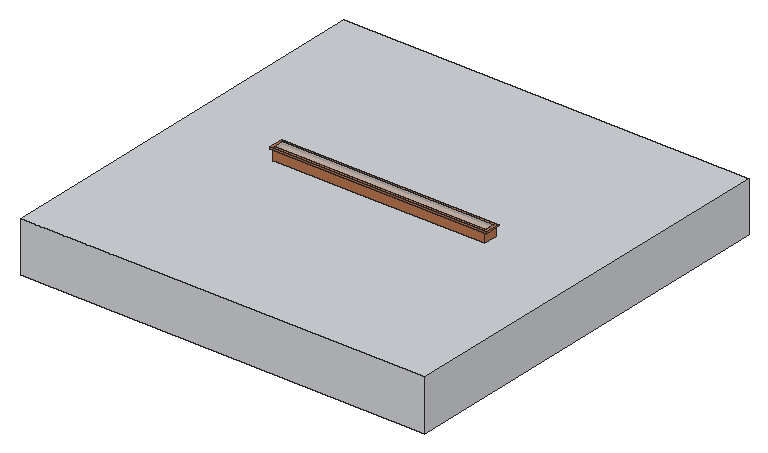
Revit family "UW01_Step Air Outdoor Luminaire", category Lighting Fixtures, host Face, Revit 2013
Parameters (values of type "UW01_Outdoor Luminaire")
  Wattage = 9.2903 W
  built-in parameter 1150110 = 1 (stored number, unit not read)
  Voltage = 230 V
  built-in parameter 1114217 = 1 (stored number, unit not read)
  built-in parameter 1150109 = 1 (stored number, unit not read)
  built-in parameter 1150134 = 3
  built-in parameter 1150113 = 1 (stored number, unit not read)
  Model = ""
  Manufacturer = ""
  built-in parameter 1150105 = 439.27 (stored number, unit not read)
  Lumens = 1380 lm
  built-in parameter 1150115 = 1 (stored number, unit not read)
  Lt = Bright
  Load Classification = Ltg
  Load = 54 W
  Light Type [instance] = "UW01"
  Light Source Symbol Size = 609.6 mm
  built-in parameter 1150137 = (empty or 0)
  built-in parameter 1150139 = (empty or 0)
  Light Body = Light Body
  built-in parameter 1150112 = 1 (stored number, unit not read)
  built-in parameter 1150114 = 1 (stored number, unit not read)
  Lamp = "1x54W"
  built-in parameter 1150132 = (empty or 0)
  built-in parameter 1150102 = (empty or 0)
  built-in parameter 1150107 = 3200 (stored number, unit not read)
  built-in parameter 1150138 = (empty or 0)
  built-in parameter 1150106 = 4.3927 (stored number, unit not read)
  Glass = Bright
  Emit from Line Length = 1300 mm
  built-in parameter 1150104 = 13.8 (stored number, unit not read)
  Dimming Lamp Color Temperature Shift = <None>
  Default Elevation = 2400 mm
  Color Filter = 16777215
  built-in parameter 1114218 = 1 (stored number, unit not read)
  built-in parameter 1150133 = 10 (stored number, unit not read)
  Apparent Load = 54 W
Reference planes
  plane 1 "Center (Front/Back)": y = 0
  plane 2: z = 0
  plane 3 "Center (Left/Right)": x = 0
  plane 4 "Lf": x = -652.5
  plane 5 "Top": z = 70
  plane 6 "Rt": x = 652.5
  plane 7 "Lf_ltg": x = -637.5
  plane 8 "Rt_ltg": x = 637.5
  plane 9: y = 45
  plane 10: y = -45
  plane 11: y = -40
  plane 12: y = 40
  plane 13: z = 60
Forms (mm)
  Extrusion 1, solid
    sketch origin (0, 0, 0) x (1, 0, 0) y (0, 1, 0)
      loop
        line (-1219.2, 1219.2) -> (-1219.2, -1219.2) -> (1219.2, -1219.2) -> (1219.2, 1219.2) -> (-1219.2, 1219.2)
    from 0 to -304.8
  Extrusion 2, solid, material "Light Body" <- "Light Body"
    sketch origin (0, 0, 0) x (1, 0, 0) y (0, 1, 0)
      loop
        line (-652.5, -45) -> (652.5, -45) -> (652.5, 45) -> (-652.5, 45) -> (-652.5, -45)
      loop
        line (-637.5, -30) -> (637.5, -30) -> (637.5, 30) -> (-637.5, 30) -> (-637.5, -30)
    from 70 to 60
  Extrusion 3, solid, material "Bright" <- "Lt"
    sketch origin (0, 0, 0) x (1, 0, 0) y (0, 1, 0)
      loop
        line (-637.5, -30) -> (637.5, -30) -> (637.5, 30) -> (-637.5, 30) -> (-637.5, -30)
    from 70 to 67
  Extrusion 4, solid, material "Light Body" <- "Light Body"
    sketch origin (0, 0, 0) x (1, 0, 0) y (0, 1, 0)
      loop
        line (-637.5, -40) -> (637.5, -40) -> (637.5, 40) -> (-637.5, 40) -> (-637.5, -40)
    from 0 to 60
Lines and regions (mm)
  symbolic lines, style "Lighting Symbols"
    curve 1: line (-652.5, -45, 0) -> (652.5, -45, 0)
    curve 2: line (-652.5, 45, 0) -> (-652.5, -45, 0)
    curve 3: line (652.5, 45, 0) -> (-652.5, 45, 0)
    curve 4: line (652.5, -45, 0) -> (652.5, 45, 0)
    curve 5: line (-642.5, -35, 0) -> (642.5, -35, 0)
    curve 6: line (-642.5, 35, 0) -> (-642.5, -35, 0)
    curve 7: line (642.5, 35, 0) -> (-642.5, 35, 0)
    curve 8: line (642.5, -35, 0) -> (642.5, 35, 0)
    curve 9: line (-642.5, 5, 0) -> (642.5, 5, 0)
    curve 10: line (-642.5, -5, 0) -> (642.5, -5, 0)
Dimensions and locks
  plane 4 "Lf" to plane 3 "Center (Left/Right)" to plane 6 "Rt" = 652.5 mm, 652.5 mm
  plane 10 to plane 1 "Center (Front/Back)" to plane 9 = 45 mm, 45 mm
  plane 5 "Top" to Extrusion 1 = 70 mm
  plane 5 "Top" to plane 13 = 10 mm
  plane 4 "Lf" to plane 7 "Lf_ltg" = 15 mm
  plane 8 "Rt_ltg" to plane 6 "Rt" = 15 mm
  aligned and locked: plane 2 to Extrusion 1
  aligned and locked: level to Extrusion 1
Connectors
  electrical at (0, 0, 0), driven by "Load Classification"
    settings: on Extrusion 4, index 1, voltage 230 V, apparent load 0 W, apparent load phase1 54 W, apparent load phase2 0 W, apparent load phase3 0 W, power factor 0.9, load classification "Ltg", number of poles 1, system type 31, power factor state 1, is connector primary yes, connector utility no, sub classification motor no, connector description ""
